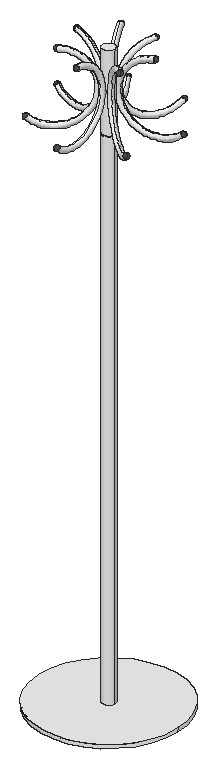
Revit family "Stand-LAMMHULTS-S70_12-Hat_Stand", category Furniture, Revit 2012
Parameters (values of type "Wood - Ash Stained")
  URL = "www.lammhults.se"
  Model = "S70-12"
  Manufacturer = "LAMMHULTS"  # constant formula
  Keynote = "46.B"
  Frame Material = Colour - White
  Description = "*Please enter mtrl description here for use in mto*"
  Content Author = "AEC AB"  # constant formula
  Assembly Code = "E2020"
Types (2, lengths in mm): name | Frame Material
  Wood - Ash Stained | Colour - White
  Wood - Ash | Colour - Black
Reference planes
  plane 1 "Center (Front/Back)": y = 0
  plane 2: z = 0
  plane 3 "Center (Left/Right)": x = 0
  plane 4: y = 200
  plane 5: y = -200
  plane 6: x = -200
  plane 7: x = 200
Forms (mm)
  Extrusion 1, solid, material "Colour - White" <- "Frame Material"
    sketch origin (0, 0, 0) x (1, 0, 0) y (0, 1, 0)
      loop
        circle (0, 0) r 17.5
    from 10 to 1478.18
  Sweep 2, solid, material "Colour - White" <- "Frame Material"
    path in 3D
      loop
        arc (0, -116.519, 1697.769) -> (0, -30.598, 1560.626) -> (0, -187.605, 1521.394) r 99.995
    profile origin (0, -30.598, 1560.626) x (0, 0.927501, -0.373821) y (1, 0, 0)
      loop
        circle (0, 0) r 7
  Extrusion 3, solid, material "Colour - White" <- "Frame Material"
    sketch origin (0, 0, 0) x (1, 0, 0) y (0, 1, 0)
      loop
        circle (0, 0) r 200
    from 0 to 10
  Extrusion 4, solid, material "Colour - White" <- "Frame Material"
    sketch origin (0, 0, 0) x (1, 0, 0) y (0, 1, 0)
      loop
        circle (0, 0) r 17.5
    from 1481.426 to 1700
  Extrusion 5, solid, material "Metal - Chrome - Polished"
    sketch origin (0, 0, 0) x (1, 0, 0) y (0, 1, 0)
      loop
        circle (0, 0) r 17
    from 1478.18 to 1481.426
  Revolve 6, solid, material "Colour - Black"
    sketch origin (0, -187.605, 1521.394) x (0, -0.766157, 0.642653) y (0, -0.642653, -0.766157)
      loop
        arc (0, -7) -> (4.95, -4.95) -> (7, 0) r 7
        line (7, 0) -> (0, 0) -> (0, -7)
      axis (0, 0) -> (7, 0)
    angle from 0 to 360
  Revolve 7, solid, material "Colour - Black"
    sketch origin (0, -116.519, 1697.769) x (0, -0.997669, 0.068242) y (0, -0.068242, -0.997669)
      loop
        arc (0, -7) -> (4.95, -4.95) -> (7, 0) r 7
        line (7, 0) -> (0, 0) -> (0, -7)
      axis (0, 0) -> (7, 0)
    angle from 0 to 360
  Sweep 8, solid, material "Colour - White" <- "Frame Material"
    path in 3D
      loop
        arc (-91.224, -72.491, 1697.769) -> (-23.955, -19.036, 1560.626) -> (-146.878, -116.716, 1521.394) r 99.995
    profile origin (-23.955, -19.036, 1560.626) x (0, 0.969972, -0.243217) y (0.956214, -0.071182, -0.28388)
      loop
        circle (0, 0) r 7
  Revolve 9, solid, material "Colour - Black"
    sketch origin (-146.878, -116.716, 1521.394) x (-0.599833, -0.476653, 0.642653) y (-0.50314, -0.399817, -0.766157)
      loop
        arc (0, -7) -> (4.95, -4.95) -> (7, 0) r 7
        line (7, 0) -> (0, 0) -> (0, -7)
      axis (0, 0) -> (7, 0)
    angle from 0 to 360
  Revolve 10, solid, material "Colour - Black"
    sketch origin (-91.224, -72.491, 1697.769) x (-0.781085, -0.620684, 0.068242) y (-0.053427, -0.042456, -0.997669)
      loop
        arc (0, -7) -> (4.95, -4.95) -> (7, 0) r 7
        line (7, 0) -> (0, 0) -> (0, -7)
      axis (0, 0) -> (7, 0)
    angle from 0 to 360
  Sweep 11, solid, material "Colour - White" <- "Frame Material"
    path in 3D
      loop
        arc (-113.507, 26.321, 1697.769) -> (-29.807, 6.912, 1560.626) -> (-182.756, 42.38, 1521.394) r 99.995
    profile origin (-29.807, 6.912, 1560.626) x (0, 0.995881, 0.090671) y (0.931337, 0.033019, -0.362658)
      loop
        circle (0, 0) r 7
  Revolve 12, solid, material "Colour - Black"
    sketch origin (-182.756, 42.38, 1521.394) x (-0.746353, 0.173073, 0.642653) y (-0.626041, 0.145174, -0.766157)
      loop
        arc (0, -7) -> (4.95, -4.95) -> (7, 0) r 7
        line (7, 0) -> (0, 0) -> (0, -7)
      axis (0, 0) -> (7, 0)
    angle from 0 to 360
  Revolve 13, solid, material "Colour - Black"
    sketch origin (-113.507, 26.321, 1697.769) x (-0.97188, 0.225371, 0.068242) y (-0.066478, 0.015416, -0.997669)
      loop
        arc (0, -7) -> (4.95, -4.95) -> (7, 0) r 7
        line (7, 0) -> (0, 0) -> (0, -7)
      axis (0, 0) -> (7, 0)
    angle from 0 to 360
  Sweep 14, solid, material "Colour - White" <- "Frame Material"
    path in 3D
      loop
        arc (-50.01, 105.242, 1697.769) -> (-13.132, 27.636, 1560.626) -> (-80.519, 169.448, 1521.394) r 99.995
    profile origin (-13.132, 27.636, 1560.626) x (0, 0.939674, 0.342071) y (0.987045, 0.054883, -0.150763)
      loop
        circle (0, 0) r 7
  Revolve 15, solid, material "Colour - Black"
    sketch origin (-80.519, 169.448, 1521.394) x (-0.328831, 0.692002, 0.642653) y (-0.275824, 0.580452, -0.766157)
      loop
        arc (0, -7) -> (4.95, -4.95) -> (7, 0) r 7
        line (7, 0) -> (0, 0) -> (0, -7)
      axis (0, 0) -> (7, 0)
    angle from 0 to 360
  Revolve 16, solid, material "Colour - Black"
    sketch origin (-50.01, 105.242, 1697.769) x (-0.428194, 0.901106, 0.068242) y (-0.029289, 0.061637, -0.997669)
      loop
        arc (0, -7) -> (4.95, -4.95) -> (7, 0) r 7
        line (7, 0) -> (0, 0) -> (0, -7)
      axis (0, 0) -> (7, 0)
    angle from 0 to 360
  Sweep 17, solid, material "Colour - White" <- "Frame Material"
    path in 3D
      loop
        arc (51.282, 104.627, 1697.769) -> (13.467, 27.475, 1560.626) -> (82.568, 168.459, 1521.394) r 99.995
    profile origin (13.467, 27.475, 1560.626) x (0, 0.940314, 0.340307) y (0.986373, -0.055989, 0.154705)
      loop
        circle (0, 0) r 7
  Revolve 18, solid, material "Colour - Black"
    sketch origin (82.568, 168.459, 1521.394) x (0.337199, 0.687963, 0.642653) y (0.282843, 0.577064, -0.766157)
      loop
        arc (0, -7) -> (4.95, -4.95) -> (7, 0) r 7
        line (7, 0) -> (0, 0) -> (0, -7)
      axis (0, 0) -> (7, 0)
    angle from 0 to 360
  Revolve 19, solid, material "Colour - Black"
    sketch origin (51.282, 104.627, 1697.769) x (0.439091, 0.895847, 0.068242) y (0.030034, 0.061277, -0.997669)
      loop
        arc (0, -7) -> (4.95, -4.95) -> (7, 0) r 7
        line (7, 0) -> (0, 0) -> (0, -7)
      axis (0, 0) -> (7, 0)
    angle from 0 to 360
  Sweep 20, solid, material "Colour - White" <- "Frame Material"
    path in 3D
      loop
        arc (113.818, 24.943, 1697.769) -> (29.888, 6.55, 1560.626) -> (183.257, 40.16, 1521.394) r 99.995
    profile origin (29.888, 6.55, 1560.626) x (0, 0.996299, 0.085959) y (0.930946, -0.031388, 0.363804)
      loop
        circle (0, 0) r 7
  Revolve 21, solid, material "Colour - Black"
    sketch origin (183.257, 40.16, 1521.394) x (0.748397, 0.164009, 0.642653) y (0.627756, 0.137571, -0.766157)
      loop
        arc (0, -7) -> (4.95, -4.95) -> (7, 0) r 7
        line (7, 0) -> (0, 0) -> (0, -7)
      axis (0, 0) -> (7, 0)
    angle from 0 to 360
  Revolve 22, solid, material "Colour - Black"
    sketch origin (113.818, 24.943, 1697.769) x (0.974542, 0.213568, 0.068242) y (0.06666, 0.014608, -0.997669)
      loop
        arc (0, -7) -> (4.95, -4.95) -> (7, 0) r 7
        line (7, 0) -> (0, 0) -> (0, -7)
      axis (0, 0) -> (7, 0)
    angle from 0 to 360
  Sweep 23, solid, material "Colour - White" <- "Frame Material"
    path in 3D
      loop
        arc (90.338, -73.592, 1697.769) -> (23.723, -19.325, 1560.626) -> (145.452, -118.489, 1521.394) r 99.995
    profile origin (23.723, -19.325, 1560.626) x (0, 0.969095, -0.246687) y (0.957079, 0.071497, 0.28087)
      loop
        circle (0, 0) r 7
  Revolve 24, solid, material "Colour - Black"
    sketch origin (145.452, -118.489, 1521.394) x (0.594008, -0.483892, 0.642653) y (0.498254, -0.405889, -0.766157)
      loop
        arc (0, -7) -> (4.95, -4.95) -> (7, 0) r 7
        line (7, 0) -> (0, 0) -> (0, -7)
      axis (0, 0) -> (7, 0)
    angle from 0 to 360
  Revolve 25, solid, material "Colour - Black"
    sketch origin (90.338, -73.592, 1697.769) x (0.773501, -0.630111, 0.068242) y (0.052909, -0.043101, -0.997669)
      loop
        arc (0, -7) -> (4.95, -4.95) -> (7, 0) r 7
        line (7, 0) -> (0, 0) -> (0, -7)
      axis (0, 0) -> (7, 0)
    angle from 0 to 360
Cuts and joins
  joined: Sweep 2, Extrusion 4, Sweep 8, Sweep 11, Sweep 14, Sweep 17, Sweep 20, Sweep 23
  joined: Extrusion 1, Extrusion 3
Lines and regions (mm)
  Masking region 1
    outline origin (0, 0, 0) x (1, 0, 0) y (0, 1, 0)
      loop
        circle (0, 0) r 200
  sketch lines
    curve 1: arc (0, -116.519, 1697.769) -> (0, -30.598, 1560.626) -> (0, -187.605, 1521.394) r 99.995
    curve 2: arc (-91.224, -72.491, 1697.769) -> (-23.955, -19.036, 1560.626) -> (-146.878, -116.716, 1521.394) r 99.995
    curve 3: arc (-113.507, 26.321, 1697.769) -> (-29.807, 6.912, 1560.626) -> (-182.756, 42.38, 1521.394) r 99.995
    curve 4: arc (-50.01, 105.242, 1697.769) -> (-13.132, 27.636, 1560.626) -> (-80.519, 169.448, 1521.394) r 99.995
    curve 5: arc (51.282, 104.627, 1697.769) -> (13.467, 27.475, 1560.626) -> (82.568, 168.459, 1521.394) r 99.995
    curve 6: arc (113.818, 24.943, 1697.769) -> (29.888, 6.55, 1560.626) -> (183.257, 40.16, 1521.394) r 99.995
    curve 7: arc (90.338, -73.592, 1697.769) -> (23.723, -19.325, 1560.626) -> (145.452, -118.489, 1521.394) r 99.995
  symbolic lines
    curve 8: line (-7.041, -25.056, 0) -> (-7.041, -186.655, 0)
    curve 9: line (6.997, -25.056, 0) -> (6.997, -186.655, 0)
    curve 10: arc (-7.041, -186.655, 0) -> (-0.022, -193.673, 0) -> (6.997, -186.655, 0) r 7.019
    curve 11: arc (-7.041, -25.056, 0) -> (-0.022, -18.037, 0) -> (6.997, -25.056, 0) r 7.019
    curve 12: line (-23.997, -10.076, 0) -> (-150.514, -110.612, 0)
    curve 13: line (-15.264, -21.066, 0) -> (-141.781, -121.602, 0)
    curve 14: arc (-150.514, -110.612, 0) -> (-151.643, -120.473, 0) -> (-141.781, -121.602, 0) r 7.019
    curve 15: arc (-23.997, -10.076, 0) -> (-14.136, -11.204, 0) -> (-15.264, -21.066, 0) r 7.019
    curve 16: line (-22.818, 12.519, 0) -> (-180.239, 49.024, 0)
    curve 17: line (-25.989, -1.156, 0) -> (-183.41, 35.349, 0)
    curve 18: arc (-180.239, 49.024, 0) -> (-188.662, 43.772, 0) -> (-183.41, 35.349, 0) r 7.019
    curve 19: arc (-22.818, 12.519, 0) -> (-17.566, 4.096, 0) -> (-25.989, -1.156, 0) r 7.019
    curve 20: line (-4.394, 25.653, 0) -> (-73.752, 171.611, 0)
    curve 21: line (-17.073, 19.628, 0) -> (-86.431, 165.586, 0)
    curve 22: arc (-73.752, 171.611, 0) -> (-83.104, 174.938, 0) -> (-86.431, 165.586, 0) r 7.019
    curve 23: arc (-4.394, 25.653, 0) -> (-7.721, 16.301, 0) -> (-17.073, 19.628, 0) r 7.019
    curve 24: line (17.35, 19.4, 0) -> (88.472, 164.506, 0)
    curve 25: line (4.745, 25.578, 0) -> (75.867, 170.684, 0)
    curve 26: arc (88.472, 164.506, 0) -> (85.259, 173.897, 0) -> (75.867, 170.684, 0) r 7.019
    curve 27: arc (17.35, 19.4, 0) -> (7.959, 16.187, 0) -> (4.745, 25.578, 0) r 7.019
    curve 28: line (25.983, -1.514, 0) -> (183.835, 33.079, 0)
    curve 29: line (22.978, 12.198, 0) -> (180.83, 46.791, 0)
    curve 30: arc (183.835, 33.079, 0) -> (189.189, 41.437, 0) -> (180.83, 46.791, 0) r 7.019
    curve 31: arc (25.983, -1.514, 0) -> (17.624, 3.839, 0) -> (22.978, 12.198, 0) r 7.019
    curve 32: line (14.979, -21.284, 0) -> (140.268, -123.347, 0)
    curve 33: line (23.845, -10.401, 0) -> (149.134, -112.463, 0)
    curve 34: arc (140.268, -123.347, 0) -> (150.142, -122.338, 0) -> (149.134, -112.463, 0) r 7.019
    curve 35: arc (14.979, -21.284, 0) -> (13.971, -11.409, 0) -> (23.845, -10.401, 0) r 7.019
Dimensions and locks
  aligned and locked: level to plane 2
